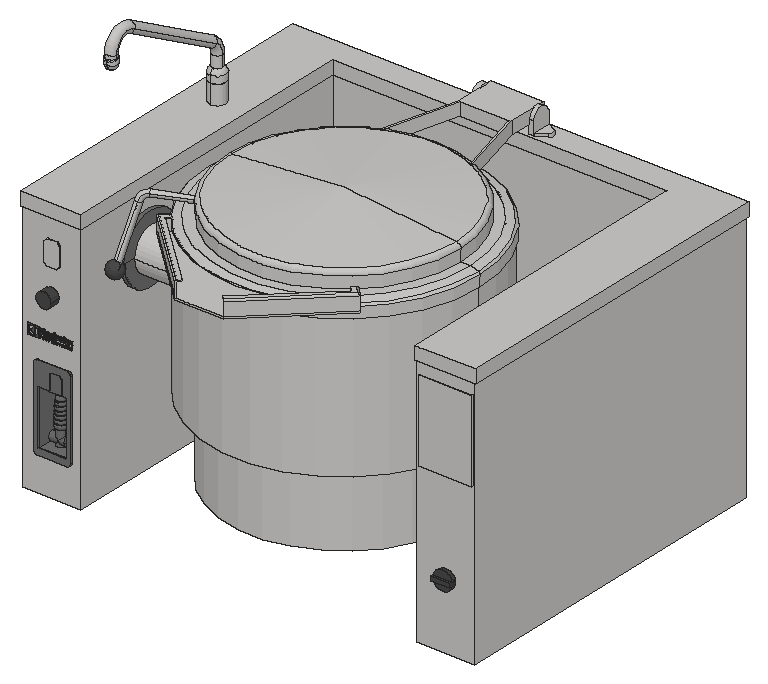
Revit family "QF_ELECTROLUXPROFESSIONAL_586915_PBOT10ERES", category Specialty Equipment, Revit 2018
Family settings
  Round Connector Dimension = Use Radius
  Part Type = Normal
  Work Plane-Based = No
  Always vertical = Yes
  Cut with Voids When Loaded = No
  Shared = Yes
  Room Calculation Point = No
Parameters (values of type "Standard")
  Weight = 180.00 kg
  Watts = 0 W
  Volts = 400 V
  URL Manufacturer = "http://professional.electrolux.com"
  URL = "http://professional.electrolux.com"
  Tilt Clearance [instance] = 1124 mm
  Steam Supply Size = 0"
  Steam Supply Minimum Pressure = 0.00 psi
  Steam Supply Maximum Pressure = 0.00 psi
  Steam Pounds per Hour = 0
  Show Logo [instance] = yes
  Refrigeration Suction Line Size = 0"
  Refrigeration Liquid Line Size = 0"
  Refrigerant Compressor Remote = yes
  Plinth Base Finish [instance] = QF_Finishes_Concrete
  Plinth Base [instance] = not(Base Height = 500 mm)  # yes
  Phase = 3
  Length Actual = 1200 mm  # constant formula
  Item Number = "586915"
  Hot Water Size = 1/2"
  Height Actual = 700 mm  # constant formula
  HP = "24.4 HP"
  Gas Size = 0"
  Gas KW = 0
  Gas Input Pressure = 0.0 Btu/h
  Direct Waste Size = 0"
  Depth Actual = 900 mm  # constant formula
  Cycle = 50 Hz
  Condensate Return Size = 0"
  Compressed Air Volume = 0 GPM
  Compressed Air Size = 0"
  Compressed Air Pressure = 0.00 psi
  Cold Water Size = 1/2"
  Assembly Code = ""
  Open Clearance [instance] = 856 mm
  Model = "PBOT10ERES"
  Manufacturer = "Electrolux Professional"
  Description = "EL. BOILING PAN,TILTING,AUTO H/C WATER FILL INLET,SPRAY GUN, 100L,H700,FS,D900,REAR CLS KIT,GUID.COOK.S"
  Bracket [instance] = Base Height = 500 mm  # no
  Body Finish [instance] = QF_Finishes_Stainless Steel
  Base Height = 200 mm
  Show Clearance [instance] = yes
  Accessory = yes
Reference planes
  plane 1 "BACK": y = 100
  plane 2: z = 0
  plane 3 "LEFT": x = 0
  plane 4 "RIGHT": x = 1200
  plane 5 "FRONT": y = -800
  plane 6 "TOP": z = 900
  plane 7: z = 200
  plane 8 "Center": x = 600
  plane 9: z = 1756
  plane 10: y = -960
  plane 11 "Vessel X axis": y = -483
  plane 12: x = 280
  plane 13: y = -580
  plane 14: x = 280
  plane 15: through (0, 114.006, 947.95) normal (0, 0.281, -0.9597)
  plane 16: z = 505
  plane 17 "Top Level": z = 981
  plane 18: y = -1024
Forms (mm)
  Extrusion 1, solid, material "QF_Finishes_Stainless Steel" <- "Body Finish"
    sketch origin (0, 0, 900) x (-1, 0, 0) y (0, -1, 0)
      loop
        line (0, -100) -> (0, 800) -> (-160, 800) -> (-160, -31.55) -> (-1040, -31.55) -> (-1040, 800) -> (-1200, 800) -> (-1200, -100) -> (0, -100)
    from -35 to 0
  Extrusion 2, solid, material "QF_Finishes_Stainless Steel" <- "Body Finish"
    sketch origin (0, 0, 900) x (-1, 0, 0) y (0, -1, 0)
      loop
        line (-535, 960) -> (-665, 960) -> (-868.236, 765.434) -> (-847.007, 744.205)
        arc (-847.007, 744.205) -> (-600, 842.5) -> (-352.993, 744.205) r 359.5
        line (-352.993, 744.205) -> (-331.764, 765.434) -> (-535, 960)
    from 1.223 to 5.898
  Revolve 3, solid, material "QF_Finishes_Stainless Steel" <- "Body Finish"
    sketch origin (0, 50.89, 727.5) x (-1, 0, 0) y (0, -1, 0)
      loop
        line (-170, 573.89) -> (-170, 540.89) -> (-157, 540.89) -> (-157, 630.89) -> (-1043, 630.89) -> (-1043, 540.89) -> (-1030, 540.89) -> (-1030, 573.89) -> (-170, 573.89)
      axis (-1043, 630.89) -> (-157, 630.89)
    angle from 0 to 360
  Extrusion 4, solid, material "QF_Finishes_Stainless Steel" <- "Body Finish"
    sketch origin (0, 100, 0) x (1, 0, 0) y (0, 0, 1)
      loop
        circle (1120, 450) r 10
    from 3 to 0
  Extrusion 5, solid, material "QF_Finishes_Stainless Steel" <- "Body Finish"
    sketch origin (600, 0, 0) x (0, 1, 0) y (0, 0, 1)
      loop
        line (89, 900) -> (89, 935.1)
        arc (89, 935.1) -> (65, 959.1) -> (41, 935.1) r 24
        line (41, 935.1) -> (41, 900) -> (89, 900)
    from 69.2 to 82.1
  Revolve 6, solid, material "QF_Finishes_Stainless Steel" <- "Body Finish"
    sketch origin (0, -483, 0) x (-1, 0, 0) y (0, 0, 1)
      loop
        line (-600, 981) -> (-600, 912.336) -> (-291.999, 912.336) -> (-291.999, 943.013)
        arc (-291.999, 943.013) -> (-295.325, 951.663) -> (-303.589, 955.857) r 12.912
        arc (-303.589, 955.857) -> (-451.457, 972.404) -> (-600, 981) r 2774.321
      axis (-600, 981) -> (-600, 912.336)
    angle from 0 to 360
  Sweep 7, solid, material "QF_Finishes_Stainless Steel" <- "Body Finish"
    path in 3D
      loop
        line (665, -960, 905.898) -> (868.236, -765.434, 905.898) -> (847.007, -744.205, 905.898)
    profile origin (766.618, -862.717, 905.898) x (-0.691532, 0.722346, 0) y (0, 0, 1)
      loop
        line (0, 0) -> (2.5, 0) -> (2.5, 35.781)
        arc (2.5, 35.781) -> (3.003, 36.997) -> (4.219, 37.5) r 1.719
        line (4.219, 37.5) -> (15.312, 37.5) -> (15.312, 40) -> (4.052, 40)
        arc (4.052, 40) -> (1.187, 38.813) -> (0, 35.948) r 4.052
        line (0, 35.948) -> (0, 0)
  Extrusion 8, solid, material "QF_Finishes_Stainless Steel" <- "Body Finish"
    sketch origin (0, 100, 0) x (1, 0, 0) y (0, 0, 1)
      loop
        line (157, 865) -> (157, 500) -> (1043, 500) -> (1043, 865) -> (157, 865)
    from 3 to 65.418
  Extrusion 9, solid, material "QF_Finishes_Stainless Steel" <- "Body Finish"
    sketch origin (600, 0, 0) x (0, 1, 0) y (0, 0, 1)
      loop
        line (89, 900) -> (89, 935.1)
        arc (89, 935.1) -> (65, 959.1) -> (41, 935.1) r 24
        line (41, 935.1) -> (41, 900) -> (89, 900)
    from -82.1 to -69.2
  Extrusion 10, solid, material "QF_Finishes_Stainless Steel" <- "Body Finish"
    sketch origin (600, -4572, 981) x (0, -1, 0) y (-1, 0, 0)
      loop
        line (-4551, 64.871) -> (-4315.558, 127.227) -> (-4309.255, 132.754) -> (-4555.565, 69.2) -> (-4661, 69.2) -> (-4661, -69.2) -> (-4555.565, -69.2) -> (-4309.255, -132.754) -> (-4315.558, -127.227) -> (-4551, -64.871) -> (-4551, 64.871)
    from 25.143 to 59.002
  Sweep 11, solid, material "QF_Finishes_Stainless Steel" <- "Body Finish"
    path in 3D
      loop
        line (352.993, -744.205, 905.898) -> (331.764, -765.434, 905.898) -> (535, -960, 905.898)
    profile origin (433.382, -862.717, 905.898) x (0.691532, 0.722346, 0) y (0, 0, 1)
      loop
        line (0, 0) -> (2.5, 0) -> (2.5, 35.781)
        arc (2.5, 35.781) -> (3.003, 36.997) -> (4.219, 37.5) r 1.719
        line (4.219, 37.5) -> (15.313, 37.5) -> (15.313, 40) -> (4.052, 40)
        arc (4.052, 40) -> (1.187, 38.813) -> (0, 35.948) r 4.052
        line (0, 35.948) -> (0, 0)
  Extrusion 12, solid, material "QF_Finishes_Stainless Steel" <- "Body Finish"
    sketch origin (0, 0, 900) x (-1, 0, 0) y (0, -1, 0)
      loop
        arc (-708.472, -55.346) -> (-714.2, -65) -> (-708.472, -74.654) r 11
        line (-708.472, -74.654) -> (-682.1, -89.055) -> (-682.1, -40.945) -> (-708.472, -55.346)
      loop
        line (-491.528, -55.346) -> (-517.9, -40.945) -> (-517.9, -89.055) -> (-491.528, -74.654)
        arc (-491.528, -74.654) -> (-485.8, -65) -> (-491.528, -55.346) r 11
    from 0 to 8
  Revolve 13, solid, material "QF_Finishes_Stainless Steel" <- "Body Finish"
    sketch origin (0, -483, 0) x (-1, 0, 0) y (0, 0, 1)
      loop
        line (-600, 910.898) -> (-600, 280.154)
        arc (-600, 280.154) -> (-445.668, 285.184) -> (-291.5, 293.903) r 6458.267
        line (-291.5, 293.903) -> (-291.5, 495) -> (-245.5, 495) -> (-245.5, 870.866) -> (-240.5, 870.866) -> (-240.5, 899.23) -> (-244.882, 905.093) -> (-265.728, 910.898) -> (-600, 910.898)
      axis (-600, 910.898) -> (-600, 280.154)
    angle from 0 to 360
  Extrusion 14, solid, material "QF_Finishes_Stainless Steel" <- "Body Finish"
    sketch origin (1100, -797, 0) x (-1, 0, 0) y (0, 0, -1)
      loop
        line (50, -833.989) -> (50, -618.989) -> (-91.535, -618.989) -> (-91.535, -833.989) -> (50, -833.989)
      loop
        line (1029.661, -812.084) -> (1036.975, -804.77) -> (1036.975, -754.399) -> (1029.661, -747.084) -> (1004.29, -747.084) -> (996.975, -754.399) -> (996.975, -804.77) -> (1004.29, -812.084) -> (1029.661, -812.084)
    from 0 to 3
  Extrusion 15, solid, material "QF_Finishes_Black"
    sketch origin (1200, -797, -30) x (-1, 0, 0) y (0, 0, -1)
      loop
        circle (80.286, -405.28) r 25
    from 0 to 10.306
  Extrusion 16, solid, material "QF_Finishes_Black"
    sketch origin (1200, -797, -30) x (-1, 0, 0) y (0, 0, -1)
      loop
        arc (104.667, -410.806) -> (105.286, -405.28) -> (104.667, -399.753) r 25
        line (104.667, -399.753) -> (55.904, -399.753)
        arc (55.904, -399.753) -> (55.286, -405.28) -> (55.904, -410.806) r 25
        line (55.904, -410.806) -> (104.667, -410.806)
    from 0 to 18.276
  Extrusion 17, solid, material "QF_Finishes_Black"
    sketch origin (160, -797, 0) x (-1, 0, 0) y (0, 0, -1)
      loop
        circle (80.781, -678.5) r 20
    from 0 to 25
  Extrusion 18, solid, material "QF_Finishes_Stainless Steel" <- "Body Finish", visible <- "Bracket"
    sketch origin (0, 37, -14) x (0, 1, 0) y (0, 0, 1)
      loop
        line (60, 514) -> (-140, 514) -> (-140, 450) -> (-76.36, 386.36) -> (60, 386.36) -> (60, 514)
    from 25.741 to 134.773
  Extrusion 19, solid, material "QF_Finishes_Stainless Steel" <- "Body Finish", visible <- "Bracket"
    sketch origin (1200, 0, 0) x (0, 1, 0) y (0, 0, 1)
      loop
        line (97, 372.36) -> (97, 500) -> (-103, 500) -> (-103, 436) -> (-39.36, 372.36) -> (97, 372.36)
    from -133.886 to -23.363
  Extrusion 20, solid, material "QF_Finishes_Stainless Steel" <- "Body Finish"
    sketch origin (0, 100, 0) x (1, 0, 0) y (0, 0, 1)
      loop
        circle (50, 395) r 10
      loop
        circle (110.571, 395) r 10
    from 3 to 0
  Revolve 21, solid, material "QF_Finishes_Clearance", visible <- "Show Clearance", detail levels coarse
    sketch origin (600, 10.879, 0.726) x (0, 0.999996, 0.002845) y (0, -0.002845, 0.999996)
      loop
        line (-92.205, 1448.437) -> (-181.256, 1755.797) -> (-205.268, 1748.84) -> (-116.218, 1441.48) -> (-92.205, 1448.437)
      axis (-92.205, 1448.437) -> (-116.218, 1441.48)
    angle from 0 to 360
  Extrusion 22, solid, material "QF_Finishes_Stainless Steel" <- "Body Finish"
    sketch origin (0, 0, 0) x (1, 0, 0) y (0, 1, 0)
      loop
        line (157, 97) -> (3, 97) -> (3, -797) -> (157, -797) -> (157, 97)
      loop
        line (1197, 97) -> (1043, 97) -> (1043, -797) -> (1197, -797) -> (1197, 97)
    from 200 to 865
  Extrusion 23, solid, material "Navy Blue", visible <- "Show Logo"
    sketch origin (160, -797, 0) x (-1, 0, 0) y (0, 0, -1)
      loop
        line (101.332, -593.18) -> (109.793, -593.18) -> (109.793, -583.327)
        arc (109.793, -583.327) -> (108.679, -580.639) -> (105.991, -579.525) r 3.802
        line (105.991, -579.525) -> (101.168, -579.525) -> (101.168, -581.736) -> (105.441, -581.736)
        arc (105.441, -581.736) -> (106.845, -582.21) -> (107.442, -583.566) r 1.838
        line (107.442, -583.566) -> (107.442, -585.52) -> (101.698, -585.52) -> (101.698, -587.738) -> (107.442, -587.738) -> (107.442, -590.968) -> (101.332, -590.968) -> (101.332, -593.18)
      loop
        line (99.498, -593.18) -> (99.498, -579.525) -> (97.146, -579.525) -> (97.146, -593.18) -> (99.498, -593.18)
      loop
        line (48.417, -593.18) -> (48.417, -579.525) -> (46.064, -579.525) -> (46.064, -593.18) -> (48.417, -593.18)
      loop
        line (93.257, -583.886) -> (85.539, -583.886)
        arc (85.539, -583.886) -> (86.746, -588.126) -> (90.874, -589.672) r 4.89
        arc (90.874, -589.672) -> (94.51, -587.828) -> (95.548, -583.886) r 4.976
        arc (95.548, -583.886) -> (94.182, -580.589) -> (90.886, -579.224) r 4.662
        arc (90.886, -579.224) -> (88.32, -579.602) -> (86.169, -581.05) r 5.86
        line (86.169, -581.05) -> (87.562, -582.444)
        arc (87.562, -582.444) -> (89.391, -581.347) -> (91.516, -581.531) r 3.458
        arc (91.516, -581.531) -> (92.812, -582.394) -> (93.257, -583.886) r 2.29
      loop
        line (93.198, -585.539) -> (87.902, -585.539)
        arc (87.902, -585.539) -> (88.645, -587.103) -> (90.278, -587.679) r 2.256
        arc (90.278, -587.679) -> (92.162, -587.188) -> (93.198, -585.539) r 2.64
      loop
        line (76.371, -586.524) -> (74.894, -588)
        arc (74.894, -588) -> (76.746, -589.341) -> (78.997, -589.742) r 5.117
        arc (78.997, -589.742) -> (82.429, -588.487) -> (84.231, -585.308) r 5.293
        arc (84.231, -585.308) -> (81.194, -579.733) -> (74.977, -581.018) r 5.33
        line (74.977, -581.018) -> (76.446, -582.487)
        arc (76.446, -582.487) -> (79.616, -581.438) -> (81.887, -583.886) r 3.088
        arc (81.887, -583.886) -> (81.729, -585.821) -> (80.396, -587.234) r 2.933
        arc (80.396, -587.234) -> (78.264, -587.559) -> (76.371, -586.524) r 3.369
      loop
        line (73.45, -593.18) -> (73.45, -583.849)
        arc (73.45, -583.849) -> (73.246, -582.449) -> (72.722, -581.135) r 6.031
        arc (72.722, -581.135) -> (71.044, -579.8) -> (68.918, -579.519) r 4.018
        line (68.918, -579.519) -> (68.918, -581.723)
        arc (68.918, -581.723) -> (69.55, -581.771) -> (70.139, -582.005) r 2.118
        arc (70.139, -582.005) -> (70.895, -582.804) -> (71.098, -583.886) r 1.949
        line (71.098, -583.886) -> (71.098, -587.265) -> (68.962, -587.265) -> (68.962, -589.401) -> (71.098, -589.401) -> (71.098, -593.18) -> (73.45, -593.18)
      loop
        arc (64.65, -584.717) -> (64.482, -585.701) -> (63.997, -586.574) r 2.967
        arc (63.997, -586.574) -> (62.588, -587.297) -> (61.004, -587.265) r 3.231
        line (61.004, -587.265) -> (61.004, -589.525)
        arc (61.004, -589.525) -> (63.073, -589.33) -> (64.65, -587.977) r 3.432
        line (64.65, -587.977) -> (64.65, -589.401) -> (66.983, -589.401) -> (66.983, -579.525) -> (64.65, -579.525) -> (64.65, -584.717)
      loop
        circle (55.254, -584.461) r 5.233
      loop
        circle (55.254, -584.461) r 3.172
      loop
        arc (37.582, -583.638) -> (38.162, -582.041) -> (39.738, -581.405) r 2.088
        arc (39.738, -581.405) -> (41.313, -582.041) -> (41.894, -583.638) r 2.088
        line (41.894, -583.638) -> (41.894, -589.401) -> (44.266, -589.401) -> (44.266, -583.442)
        arc (44.266, -583.442) -> (42.916, -580.365) -> (39.738, -579.275) r 4.181
        arc (39.738, -579.275) -> (36.524, -580.398) -> (35.211, -583.539) r 4.181
        line (35.211, -583.539) -> (35.211, -589.401) -> (37.582, -589.401) -> (37.582, -583.638)
      loop
        line (33.789, -589.401) -> (30.374, -584.764) -> (34.126, -579.522) -> (31.598, -579.522) -> (29.107, -583.001) -> (26.58, -579.522) -> (24.068, -579.522) -> (27.767, -584.817) -> (24.385, -589.401) -> (26.952, -589.401) -> (29.115, -586.469) -> (31.245, -589.401) -> (33.789, -589.401)
      loop
        line (108.47, -573.865) -> (110.346, -573.865) -> (110.346, -569.143) -> (109.319, -569.143) -> (109.319, -570.769) -> (108.185, -570.769)
        arc (108.185, -570.769) -> (106.916, -572.447) -> (108.47, -573.865) r 1.561
      loop
        arc (108.23, -571.697) -> (107.841, -572.304) -> (108.23, -572.911) r 0.668
        line (108.23, -572.911) -> (109.319, -572.911) -> (109.319, -571.697) -> (108.23, -571.697)
      loop
        line (101.061, -573.865) -> (102.968, -573.865) -> (102.968, -569.143) -> (101.942, -569.143) -> (101.942, -570.769) -> (100.949, -570.769) -> (100.27, -569.143) -> (99.168, -569.143) -> (100.097, -571.134)
        arc (100.097, -571.134) -> (99.652, -571.665) -> (99.502, -572.343) r 1.458
        arc (99.502, -572.343) -> (99.971, -573.421) -> (101.061, -573.865) r 1.559
      loop
        line (101.942, -572.911) -> (101.942, -571.697) -> (100.852, -571.697)
        arc (100.852, -571.697) -> (100.464, -572.304) -> (100.852, -572.911) r 0.668
        line (100.852, -572.911) -> (101.942, -572.911)
      loop
        circle (93.139, -571.504) r 2.453
      loop
        circle (93.139, -571.504) r 1.557
      loop
        line (86.655, -573.865) -> (86.655, -569.143) -> (85.654, -569.143) -> (85.654, -570.793) -> (83.876, -570.793) -> (83.876, -571.851) -> (85.654, -571.851) -> (85.654, -572.847) -> (83.706, -572.847) -> (83.706, -573.865) -> (86.655, -573.865)
      loop
        line (79.724, -573.865) -> (79.724, -570.677)
        arc (79.724, -570.677) -> (79.288, -569.596) -> (78.213, -569.146) r 1.51
        line (78.213, -569.146) -> (76.689, -569.146) -> (76.689, -570.038) -> (78.122, -570.038)
        arc (78.122, -570.038) -> (78.65, -570.475) -> (78.753, -571.151) r 0.961
        line (78.753, -571.151) -> (76.866, -571.151) -> (76.866, -572.043) -> (78.753, -572.043) -> (78.753, -572.973) -> (76.735, -572.973) -> (76.735, -573.865) -> (79.724, -573.865)
      loop
        arc (62.624, -573.267) -> (63.249, -573.78) -> (64.041, -573.943) r 1.69
        arc (64.041, -573.943) -> (64.773, -573.764) -> (65.374, -573.31) r 1.872
        arc (65.374, -573.31) -> (65.486, -572.238) -> (64.794, -571.411) r 1.385
        arc (64.794, -571.411) -> (64.212, -571.217) -> (63.66, -570.95) r 4.78
        arc (63.66, -570.95) -> (63.312, -570.539) -> (63.552, -570.057) r 0.489
        arc (63.552, -570.057) -> (63.998, -569.952) -> (64.442, -570.065) r 0.963
        arc (64.442, -570.065) -> (64.826, -570.341) -> (65.061, -570.752) r 1.118
        line (65.061, -570.752) -> (65.887, -570.367)
        arc (65.887, -570.367) -> (65.589, -569.793) -> (65.11, -569.36) r 1.815
        arc (65.11, -569.36) -> (64.566, -569.127) -> (63.978, -569.068) r 1.957
        arc (63.978, -569.068) -> (63.25, -569.213) -> (62.595, -569.561) r 2.556
        arc (62.595, -569.561) -> (62.305, -570.331) -> (62.455, -571.139) r 1.535
        arc (62.455, -571.139) -> (62.778, -571.512) -> (63.19, -571.781) r 1.779
        arc (63.19, -571.781) -> (63.712, -572.014) -> (64.248, -572.215) r 9.371
        arc (64.248, -572.215) -> (64.557, -572.696) -> (64.11, -573.053) r 0.427
        arc (64.11, -573.053) -> (63.575, -572.924) -> (63.163, -572.558) r 1.135
        line (63.163, -572.558) -> (62.624, -573.267)
      loop
        line (58.291, -573.865) -> (58.291, -569.146) -> (57.321, -569.146) -> (57.321, -573.865) -> (58.291, -573.865)
      loop
        circle (50.779, -571.506) r 1.468
      loop
        circle (50.779, -571.506) r 2.451
      loop
        line (44.27, -569.146) -> (43.289, -569.146) -> (43.289, -572.113) -> (41.131, -569.146) -> (40.187, -569.146) -> (40.187, -573.865) -> (41.168, -573.865) -> (41.168, -570.808) -> (43.326, -573.865) -> (44.27, -573.865) -> (44.27, -569.146)
      loop
        line (35.295, -569.146) -> (34.836, -570.164) -> (33.09, -570.164) -> (32.631, -569.146) -> (31.588, -569.146) -> (33.581, -573.865) -> (34.491, -573.865) -> (36.337, -569.146) -> (35.295, -569.146)
      loop
        line (33.526, -571.132) -> (33.993, -572.169) -> (34.447, -571.132) -> (33.526, -571.132)
      loop
        line (26.769, -570.038) -> (26.769, -573.865) -> (27.739, -573.865) -> (27.739, -569.146) -> (24.954, -569.146) -> (24.954, -570.038) -> (26.769, -570.038)
      loop
        arc (69.698, -573.267) -> (70.324, -573.78) -> (71.116, -573.943) r 1.69
        arc (71.116, -573.943) -> (71.847, -573.764) -> (72.449, -573.31) r 1.872
        arc (72.449, -573.31) -> (72.56, -572.238) -> (71.868, -571.411) r 1.385
        arc (71.868, -571.411) -> (71.287, -571.217) -> (70.735, -570.95) r 4.78
        arc (70.735, -570.95) -> (70.386, -570.539) -> (70.627, -570.057) r 0.489
        arc (70.627, -570.057) -> (71.073, -569.952) -> (71.517, -570.065) r 0.963
        arc (71.517, -570.065) -> (71.901, -570.341) -> (72.136, -570.752) r 1.118
        line (72.136, -570.752) -> (72.961, -570.367)
        arc (72.961, -570.367) -> (72.664, -569.793) -> (72.184, -569.36) r 1.815
        arc (72.184, -569.36) -> (71.64, -569.127) -> (71.052, -569.068) r 1.957
        arc (71.052, -569.068) -> (70.325, -569.213) -> (69.669, -569.561) r 2.556
        arc (69.669, -569.561) -> (69.38, -570.331) -> (69.529, -571.139) r 1.535
        arc (69.529, -571.139) -> (69.852, -571.512) -> (70.265, -571.781) r 1.779
        arc (70.265, -571.781) -> (70.787, -572.014) -> (71.322, -572.215) r 9.371
        arc (71.322, -572.215) -> (71.632, -572.696) -> (71.185, -573.053) r 0.427
        arc (71.185, -573.053) -> (70.649, -572.924) -> (70.238, -572.558) r 1.135
        line (70.238, -572.558) -> (69.698, -573.267)
      loop
        line (124.467, -593.367) -> (124.467, -568.534)
        arc (124.467, -568.534) -> (115.287, -580.95) -> (124.467, -593.367) r 12.987
      loop
        arc (125.423, -593.446) -> (135.891, -591.227) -> (141.022, -581.837) r 12.809
        line (141.022, -581.837) -> (135.422, -581.837)
        arc (135.422, -581.837) -> (128.84, -585.012) -> (125.423, -591.472) r 11.707
        line (125.423, -591.472) -> (125.423, -593.446)
      loop
        arc (125.73, -570.332) -> (129.585, -577.251) -> (136.925, -580.23) r 11.93
        line (136.925, -580.23) -> (141.033, -580.23)
        arc (141.033, -580.23) -> (136.066, -570.804) -> (125.73, -568.215) r 13.06
        line (125.73, -568.215) -> (125.73, -570.332)
      loop
        line (141.976, -594.722) -> (141.976, -567.122) -> (114.339, -567.122) -> (114.339, -594.722) -> (141.976, -594.722)
    from 0 to 0.697
  Extrusion 24, void
    sketch origin (0, -800, 0) x (1, 0, 0) y (0, 0, 1)
      loop
        line (125.4, 500.944) -> (43.4, 500.944) -> (43.4, 305.944) -> (125.4, 305.944) -> (125.4, 500.944)
    from 0 to -63
Cuts and joins
  joined: Revolve 6, Extrusion 10
  Extrusion 24 cuts Extrusion 22
Lines and regions (mm)
  Split face 1
    outline origin (1100, -800, 0) x (-1, 0, 0) y (0, 0, -1)
      loop
        line (44.321, -826.533) -> (44.321, -691.533) -> (-84.715, -691.533) -> (-84.715, -826.533) -> (44.321, -826.533)
  Split face 2
    outline origin (1100, -800, 0) x (-1, 0, 0) y (0, 0, -1)
      loop
        line (44.321, -691.533) -> (44.321, -625.535) -> (-84.715, -625.535) -> (-84.715, -691.533) -> (44.321, -691.533)
  Split face 3
    outline origin (1100, -800, 0) x (-1, 0, 0) y (0, 0, -1)
      loop
        line (35.153, -818.972) -> (35.153, -698.972) -> (-73.882, -698.972) -> (-73.882, -818.972) -> (35.153, -818.972)
  Split face 4
    outline origin (1100, -800, 0) x (-1, 0, 0) y (0, 0, -1)
      loop
        line (1029.036, -812.084) -> (1036.35, -804.77) -> (1036.35, -754.399) -> (1029.036, -747.084) -> (1029.036, -812.084)
  Split face 5
    outline origin (-933.951, -800, 0) x (1, 0, 0) y (0, 0, 1)
      loop
        line (1029.036, 812.084) -> (1029.036, 747.084) -> (1036.35, 754.399) -> (1036.35, 804.77) -> (1029.036, 812.084)
  sketch lines
    curve 1: line (665, -960, 905.898) -> (868.236, -765.434, 905.898)
    curve 2: line (868.236, -765.434, 905.898) -> (847.007, -744.205, 905.898)
    curve 3: line (331.764, -765.434, 905.898) -> (535, -960, 905.898)
    curve 4: line (352.993, -744.205, 905.898) -> (331.764, -765.434, 905.898)
  symbolic lines
    curve 5: line (170, -490, 0) -> (160, -490, 0)
    curve 6: line (170, -490, 0) -> (170, -670, 0)
    curve 7: line (170, -670, 0) -> (160, -670, 0)
    curve 8: line (1030, -490, 0) -> (1040, -490, 0)
    curve 9: line (1030, -490, 0) -> (1030, -670, 0)
    curve 10: line (1030, -670, 0) -> (1040, -670, 0)
    curve 11: line (1030, -523.539, 0) -> (957.207, -523.539, 0)
    curve 12: line (1030, -636.461, 0) -> (925.1, -636.461, 0)
    curve 13: line (170, -523.539, 0) -> (242.793, -523.539, 0)
    curve 14: line (170, -636.461, 0) -> (274.9, -636.461, 0)
    curve 15: line (160, -800, 0) -> (160, 31.55, 0)
    curve 16: line (0, -800, 0) -> (160, -800, 0)
    curve 17: line (0, 100, 0) -> (0, -800, 0)
    curve 18: line (160, 31.55, 0) -> (530.8, 31.55, 0)
    curve 19: line (1200, 100, 0) -> (0, 100, 0)
    curve 20: line (1040, 31.55, 0) -> (1040, -800, 0)
    curve 21: line (1200, -800, 0) -> (1200, 100, 0)
    curve 22: line (1040, -800, 0) -> (1200, -800, 0)
    curve 23: circle (600, -483, 0) r 359.5 normal (0, 0, 1)
    curve 24: line (669.2, 31.55, 0) -> (1040, 31.55, 0)
    curve 25: line (545.589, -948.939, 0) -> (353.658, -765.195, 0)
    curve 26: line (353.658, -765.195, 0) -> (364.355, -754.499, 0)
    curve 27: line (535, -960, 0) -> (545.589, -948.939, 0)
    curve 28: line (665, -960, 0) -> (654.411, -948.939, 0)
    curve 29: line (846.342, -765.195, 0) -> (654.411, -948.939, 0)
    curve 30: line (835.645, -754.499, 0) -> (846.342, -765.195, 0)
  model lines, style "QF-Clearances", visible <- "Show Clearance", detail levels coarse
    curve 31: arc (600, -960, 954.089) -> (600, -1008.605, 614.371) -> (600, -800, 341.874) r 443
  symbolic lines, style "QF-Clearances", visible <- "Show Clearance", detail levels coarse
    curve 32: line (350, -450, 0) -> (850, -450, 0)
    curve 33: line (350, -1650, 0) -> (350, -450, 0)
    curve 34: line (850, -1650, 0) -> (350, -1650, 0)
    curve 35: line (850, -450, 0) -> (850, -1650, 0)
    curve 36: line (650, -1650, 0) -> (850, -1050, 0)
    curve 37: line (550, -1650, 0) -> (350, -1050, 0)
    curve 38: circle (600, -1600, 0) r 25 normal (0, 0, 1)
Dimensions and locks
  plane 3 "LEFT" to plane 4 "RIGHT" = 1200 mm
  plane 4 "RIGHT" to plane 3 "LEFT" = 1200 mm
  plane 1 "BACK" to plane 5 "FRONT" = 900 mm
  plane 5 "FRONT" to plane 1 "BACK" = 900 mm
  "Base Height": plane 7 to level
  equal spacing: plane 3 "LEFT", plane 8 "Center", plane 4 "RIGHT"
  "Open Clearance": plane 9 to plane 6 "TOP"
  locked: Extrusion 8 sketch curve to Extrusion 8 sketch curve at 365
  plane 4 "RIGHT" to Extrusion 4 sketch curve = 80 mm
  plane 6 "TOP" to Extrusion 4 sketch curve = 450 mm
  locked: Extrusion 2 sketch curve to Extrusion 2 sketch curve at 30.022  (x2)
  equal spacing: Extrusion 10 sketch curve, plane 8 "Center", Extrusion 10 sketch curve
  locked: Extrusion 10 sketch curve to Extrusion 10 sketch curve at 138.4
  Extrusion 10 sketch curve to Extrusion 10 sketch curve to plane 1 "BACK" = 110 mm locked, 11 mm locked
  plane 11 "Vessel X axis" to Revolve 3 sketch curve = 97 mm
  Revolve 3 sketch curve to Revolve 3 sketch curve to Revolve 3 sketch curve to Revolve 3 sketch curve = 33 mm locked, 57 mm locked, 0 mm locked
  plane 11 "Vessel X axis" to plane 13 = 97 mm
  equal spacing: curve 5, plane 13, curve 7
  locked: curve 5 to curve 7 at 180
  equal spacing: curve 11, plane 13, curve 12
  locked: curve 11 to curve 12 at 112.922
  plane 14 to plane 8 "Center" = 320 mm
  Revolve 13 sketch curve to Revolve 13 sketch curve to Revolve 13 sketch curve to Revolve 13 sketch curve to plane 14 = 4.382 mm locked, 0.618 mm locked, 20.228 mm locked, 14.272 mm locked
  plane 12 to plane 8 "Center" = 320 mm
  Revolve 6 sketch curve to Revolve 6 sketch curve to plane 12 = 11.59 mm locked, 11.999 mm locked
  Extrusion 16 sketch curve to Extrusion 16 sketch curve = 11.053 mm
  Extrusion 18 sketch curve to Extrusion 18 sketch curve to Extrusion 18 sketch curve = 64 mm locked, 63.64 mm locked
  Extrusion 19 sketch curve to Extrusion 19 sketch curve to Extrusion 19 sketch curve = 64 mm locked, 63.64 mm locked
  plane 6 "TOP" to Extrusion 14 sketch curve to Extrusion 14 sketch curve = 66.011 mm locked, 215 mm locked
  plane 6 "TOP" to Extrusion 14 sketch curve to Extrusion 14 sketch curve to Extrusion 14 sketch curve to Extrusion 14 sketch curve = 87.916 mm locked, 7.315 mm locked, 50.371 mm, 7.315 mm locked
  plane 6 "TOP" to level = 900 mm
  locked: level to Extrusion 18 sketch curve at 372.36
  locked: Extrusion 19 sketch curve to level at 372.36
  locked: Extrusion 15 sketch curve to level at 375.28
  locked: Extrusion 16 sketch curve to level at 369.753
  locked: Extrusion 20 sketch curve to level at 395
  Extrusion 10 sketch curve to Extrusion 10 sketch curve to plane 11 "Vessel X axis" = 6.303 mm, 220.255 mm
  Extrusion 10 sketch curve to Extrusion 10 sketch curve to plane 11 "Vessel X axis" = 6.303 mm locked, 220.255 mm locked
  Revolve 21 sketch curve to Revolve 21 sketch curve = 320 mm
  locked: Extrusion 1 to Revolve 21 sketch curve at 23.726
  plane 11 "Vessel X axis" to plane 1 "BACK" = 583 mm
  plane 10 to plane 1 "BACK" = 1060 mm
  plane 16 to Revolve 13 sketch curve to Revolve 13 sketch curve to Revolve 13 sketch curve = 10 mm locked, 201.097 mm locked, 13.748 mm locked
  plane 17 "Top Level" to Revolve 6 sketch curve to Revolve 6 sketch curve to Revolve 6 sketch curve = 25.143 mm locked, 12.844 mm locked, 30.677 mm locked
  plane 17 "Top Level" to Revolve 13 sketch curve to Revolve 13 sketch curve to Revolve 13 sketch curve to Revolve 13 sketch curve = 70.102 mm locked, 5.805 mm locked, 5.863 mm locked, 28.364 mm locked
  plane 6 "TOP" to plane 16 = 395 mm
  plane 17 "Top Level" to nested 1 = 45.299 mm
  plane 17 "Top Level" to Extrusion 2 to Extrusion 2 = 75.102 mm locked, 4.675 mm locked
  plane 17 "Top Level" to plane 6 "TOP" = 81 mm
  locked: Extrusion 5 sketch curve to plane 17 "Top Level" at 45.9
  locked: Extrusion 9 sketch curve to plane 17 "Top Level" at 45.9
  plane 11 "Vessel X axis" to nested 1 = 320 mm
  "Tilt Clearance": plane 18 to plane 1 "BACK"
  locked: curve 31 to plane 17 "Top Level" at 26.911
  locked: curve 32 to plane 1 "BACK" at 550
  locked: curve 34 to plane 1 "BACK" at 1750
  locked: curve 33 to curve 35 at 500
  equal spacing: curve 33, plane 8 "Center", curve 35
  angle plane 9 to Revolve 21 sketch curve = 16.3208°
  aligned and locked: level to plane 2
  aligned and locked: Extrusion 8 to Extrusion 1
  aligned and locked: plane 10 to Extrusion 2 sketch curve
  aligned and locked: plane 8 "Center" to Revolve 6 sketch curve  (x2)
  aligned and locked: Revolve 3 sketch curve to Revolve 3 sketch curve
  aligned and locked: Revolve 3 to Revolve 3  (x2)
  aligned and locked: curve 15 to Extrusion 1
  aligned and locked: curve 6 to Revolve 3
  aligned and locked: curve 20 to Extrusion 1
  aligned and locked: curve 9 to Revolve 3
  aligned and locked: curve 12 to curve 14
  aligned and locked: curve 11 to curve 13
  aligned and locked: curve 5 to curve 8
  aligned and locked: curve 7 to curve 10
  aligned and locked: curve 23 to Revolve 13
  aligned and locked: Extrusion 2 sketch curve to Revolve 13
  aligned and locked: curve 25 to Sweep 11
  aligned and locked: curve 26 to Sweep 11
  aligned and locked: curve 27 to Sweep 11
  aligned and locked: curve 28 to Sweep 7
  aligned and locked: curve 29 to Sweep 7
  aligned and locked: curve 30 to Sweep 7
  aligned and locked: plane 17 "Top Level" to Revolve 6 sketch curve
  aligned and locked: plane 5 "FRONT" to curve 31
  aligned and locked: plane 10 to curve 31
Automatic sketch dimensions
  plane 1 "BACK" to curve 17 = 0 mm
  curve 17 to plane 3 "LEFT" = 0 mm
  plane 10 to curve 27 = 0 mm
  curve 38 to plane 8 "Center" = 0 mm
  plane 10 to curve 28 = 0 mm
  curve 19 to plane 4 "RIGHT" = 0 mm
  plane 5 "FRONT" to curve 22 = 0 mm
  plane 5 "FRONT" to curve 17 = 0 mm
  curve 36 to curve 38 = 50 mm
  plane 1 "BACK" to curve 18 = 68.45 mm
  plane 1 "BACK" to curve 20 = 68.45 mm
  curve 18 to plane 8 "Center" = 69.2 mm
  curve 37 to plane 8 "Center" = 50 mm
  plane 8 "Center" to curve 36 = 50 mm
  plane 8 "Center" to curve 24 = 69.2 mm
  plane 18 to curve 37 = 26 mm
  plane 18 to curve 36 = 26 mm
  curve 31 to plane 13 = 0 mm
  curve 31 to plane 6 "TOP" = 173.615 mm
  Extrusion 1 sketch curve to plane 4 "RIGHT" = 0 mm
  plane 5 "FRONT" to Extrusion 1 sketch curve = 0 mm  (x2)
  Extrusion 1 sketch curve to plane 3 "LEFT" = 0 mm
  plane 1 "BACK" to Extrusion 1 sketch curve = 0 mm
  Extrusion 1 sketch curve to plane 4 "RIGHT" = 160 mm
  plane 1 "BACK" to Extrusion 1 sketch curve = 68.45 mm
  plane 3 "LEFT" to Extrusion 1 sketch curve = 160 mm
  plane 8 "Center" to Extrusion 2 sketch curve = 65 mm
  Extrusion 2 sketch curve to plane 5 "FRONT" = 55.795 mm  (x2)
  Extrusion 2 sketch curve to plane 5 "FRONT" = 34.566 mm  (x2)
  Extrusion 2 sketch curve to plane 8 "Center" = 65 mm
  Revolve 3 sketch curve to plane 4 "RIGHT" = 157 mm
  Revolve 3 sketch curve to Revolve 3 sketch curve = 13 mm  (x2)
  plane 3 "LEFT" to Revolve 3 sketch curve = 170 mm
  Revolve 3 sketch curve to Revolve 3 sketch curve = 3 mm
  Revolve 3 sketch curve to Revolve 3 sketch curve = 27 mm
  Extrusion 5 sketch curve to plane 6 "TOP" = 0 mm
  plane 1 "BACK" to Extrusion 5 sketch curve = 59 mm
  Extrusion 5 sketch curve to Extrusion 5 sketch curve = 24 mm
  plane 8 "Center" to Revolve 6 sketch curve = 85.945 mm
  plane 7 to Revolve 6 sketch curve = 208.515 mm
  Revolve 6 sketch curve to plane 6 "TOP" = 21.485 mm
  Sweep 7 sketch curve to profile plane = 0 mm
  profile plane to Sweep 7 sketch curve = 0 mm
  Sweep 7 sketch curve to profile plane = 2.5 mm
  Sweep 7 sketch curve to profile plane = 4.052 mm
  Sweep 7 sketch curve to Sweep 7 sketch curve = 0.167 mm  (x2)
  Sweep 7 sketch curve to Sweep 7 sketch curve = 11.093 mm
  profile plane to Sweep 7 sketch curve = 35.781 mm
  plane 3 "LEFT" to Extrusion 8 sketch curve = 157 mm
  Extrusion 8 sketch curve to plane 4 "RIGHT" = 157 mm
  plane 7 to Extrusion 8 sketch curve = 300 mm
  Extrusion 9 sketch curve to plane 6 "TOP" = 0 mm
  plane 1 "BACK" to Extrusion 9 sketch curve = 59 mm
  Extrusion 9 sketch curve to Extrusion 9 sketch curve = 24 mm
  Extrusion 10 sketch curve to Extrusion 10 sketch curve = 4.565 mm  (x2)
  Extrusion 10 sketch curve to plane 8 "Center" = 127.227 mm
  Extrusion 10 sketch curve to Extrusion 10 sketch curve = 5.527 mm  (x2)
  Extrusion 10 sketch curve to Extrusion 10 sketch curve = 4.329 mm  (x2)
  plane 8 "Center" to Extrusion 10 sketch curve = 127.227 mm
  Sweep 11 sketch curve to profile plane = 0 mm  (x2)
  Sweep 11 sketch curve to Sweep 11 sketch curve = 2.5 mm
  Sweep 11 sketch curve to profile plane = 4.052 mm
  Sweep 11 sketch curve to Sweep 11 sketch curve = 0.167 mm  (x2)
  Sweep 11 sketch curve to Sweep 11 sketch curve = 11.093 mm
  profile plane to Sweep 11 sketch curve = 35.781 mm
  plane 1 "BACK" to Extrusion 12 sketch curve = 44.654 mm  (x2)
  plane 8 "Center" to Extrusion 12 sketch curve = 108.472 mm
  plane 1 "BACK" to Extrusion 12 sketch curve = 25.346 mm  (x2)
  Extrusion 12 sketch curve to Extrusion 12 sketch curve = 0 mm
  Extrusion 12 sketch curve to Extrusion 12 sketch curve = 5.272 mm  (x3)
  Extrusion 12 sketch curve to Extrusion 12 sketch curve = 26.372 mm
  plane 1 "BACK" to Extrusion 12 sketch curve = 10.945 mm  (x2)
  Extrusion 12 sketch curve to plane 8 "Center" = 82.1 mm
  Extrusion 12 sketch curve to Extrusion 12 sketch curve = 21.1 mm
  Extrusion 12 sketch curve to Extrusion 12 sketch curve = 14.4 mm  (x2)
  Revolve 13 sketch curve to plane 8 "Center" = 0 mm  (x2)
  plane 8 "Center" to Revolve 13 sketch curve = 133.193 mm
  Revolve 13 sketch curve to Revolve 13 sketch curve = 46 mm
  Revolve 13 sketch curve to Revolve 13 sketch curve = 10.857 mm
  Revolve 13 sketch curve to Revolve 13 sketch curve = 35 mm
  Extrusion 14 sketch curve to plane 4 "RIGHT" = 8.465 mm
  Extrusion 14 sketch curve to Extrusion 14 sketch curve = 141.535 mm
  plane 3 "LEFT" to Extrusion 14 sketch curve = 103.025 mm
  Extrusion 14 sketch curve to Extrusion 14 sketch curve = 7.315 mm  (x5)
  Extrusion 14 sketch curve to Extrusion 14 sketch curve = 25.371 mm  (x2)
  Split face 1 sketch curve to Extrusion 14 = 6.821 mm
  Split face 1 sketch curve to Extrusion 14 = 5.679 mm
  Split face 1 sketch curve to Extrusion 14 = 7.456 mm
  Extrusion 14 to Split face 1 sketch curve = 55.552 mm
  Split face 2 sketch curve to Extrusion 14 = 6.821 mm
  Split face 2 sketch curve to Extrusion 14 = 5.679 mm
  Extrusion 14 to Split face 2 sketch curve = 55.552 mm
  Split face 2 sketch curve to Extrusion 14 = 6.547 mm
  Extrusion 14 to Split face 3 sketch curve = 6.887 mm
  Split face 3 sketch curve to Extrusion 14 = 17.653 mm
  Split face 3 sketch curve to Extrusion 14 = 14.847 mm
  Extrusion 14 to Split face 3 sketch curve = 48.113 mm
  Split face 4 sketch curve to Extrusion 14 = 0 mm  (x2)
  Split face 4 sketch curve to Extrusion 14 = 7.94 mm
  Split face 4 sketch curve to Extrusion 14 = 0.625 mm
  Split face 4 sketch curve to Extrusion 14 = 7.315 mm  (x2)
  Split face 5 sketch curve to Extrusion 14 = 0 mm  (x2)
  Split face 5 sketch curve to Extrusion 14 = 7.94 mm
  Split face 5 sketch curve to Extrusion 14 = 0.625 mm
  Split face 5 sketch curve to Extrusion 14 = 7.315 mm  (x2)
  Extrusion 15 sketch curve to plane 4 "RIGHT" = 80.286 mm
  Extrusion 16 sketch curve to Extrusion 16 sketch curve = 0 mm  (x3)
  Extrusion 16 sketch curve to plane 4 "RIGHT" = 55.904 mm
  Extrusion 16 sketch curve to Extrusion 16 sketch curve = 24.382 mm  (x2)
  plane 3 "LEFT" to Extrusion 17 sketch curve = 79.219 mm
  Extrusion 17 sketch curve to plane 6 "TOP" = 221.5 mm
  plane 1 "BACK" to Extrusion 18 sketch curve = 203 mm
  Extrusion 18 sketch curve to Extrusion 18 sketch curve = 63.64 mm
  plane 1 "BACK" to Extrusion 18 sketch curve = 3 mm
  plane 1 "BACK" to Extrusion 19 sketch curve = 203 mm
  Extrusion 19 sketch curve to Extrusion 19 sketch curve = 63.64 mm
  plane 1 "BACK" to Extrusion 19 sketch curve = 3 mm
  plane 3 "LEFT" to Extrusion 20 sketch curve = 50 mm
  Extrusion 20 sketch curve to Extrusion 20 sketch curve = 60.571 mm
  Extrusion 20 sketch curve to Extrusion 20 sketch curve = 0 mm
  Revolve 21 sketch curve to plane 9 = 0 mm
  Revolve 21 sketch curve to Revolve 21 sketch curve = 24.012 mm
  Revolve 21 sketch curve to Revolve 21 sketch curve = 0 mm  (x4)
  plane 3 "LEFT" to Extrusion 22 sketch curve = 3 mm
  plane 1 "BACK" to Extrusion 22 sketch curve = 3 mm  (x2)
  Extrusion 22 sketch curve to Extrusion 22 sketch curve = 154 mm
  Extrusion 22 sketch curve to plane 4 "RIGHT" = 157 mm
  Extrusion 22 sketch curve to plane 5 "FRONT" = 3 mm  (x2)
  Extrusion 22 sketch curve to plane 4 "RIGHT" = 3 mm
  Extrusion 23 sketch curve to Extrusion 23 sketch curve = 0 mm  (x33)
  plane 3 "LEFT" to Extrusion 23 sketch curve = 135.932 mm
  Extrusion 23 sketch curve to Extrusion 23 sketch curve = 0.317 mm
  Extrusion 23 sketch curve to Extrusion 23 sketch curve = 0.886 mm
  Extrusion 23 sketch curve to Extrusion 23 sketch curve = 2.512 mm
  Extrusion 23 sketch curve to Extrusion 23 sketch curve = 1.815 mm
  Extrusion 23 sketch curve to Extrusion 23 sketch curve = 2.567 mm
  Extrusion 23 sketch curve to Extrusion 23 sketch curve = 0.97 mm  (x3)
  Extrusion 23 sketch curve to Extrusion 23 sketch curve = 0.815 mm  (x2)
  Extrusion 23 sketch curve to Extrusion 23 sketch curve = 1.341 mm
  Extrusion 23 sketch curve to Extrusion 23 sketch curve = 1.348 mm
  Extrusion 23 sketch curve to Extrusion 23 sketch curve = 1.259 mm
  Extrusion 23 sketch curve to Extrusion 23 sketch curve = 2.13 mm
  Extrusion 23 sketch curve to Extrusion 23 sketch curve = 3.849 mm
  Extrusion 23 sketch curve to Extrusion 23 sketch curve = 2.49 mm
  Extrusion 23 sketch curve to Extrusion 23 sketch curve = 1.043 mm
  Extrusion 23 sketch curve to Extrusion 23 sketch curve = 0.46 mm  (x2)
  Extrusion 23 sketch curve to Extrusion 23 sketch curve = 0.435 mm
  Extrusion 23 sketch curve to Extrusion 23 sketch curve = 0.055 mm  (x2)
  Extrusion 23 sketch curve to Extrusion 23 sketch curve = 2.544 mm
  Extrusion 23 sketch curve to Extrusion 23 sketch curve = 0.468 mm
  Extrusion 23 sketch curve to Extrusion 23 sketch curve = 2.528 mm
  Extrusion 23 sketch curve to Extrusion 23 sketch curve = 0.922 mm
  Extrusion 23 sketch curve to Extrusion 23 sketch curve = 0.91 mm
  Extrusion 23 sketch curve to Extrusion 23 sketch curve = 0.388 mm
  Extrusion 23 sketch curve to Extrusion 23 sketch curve = 1.422 mm
  Extrusion 23 sketch curve to Extrusion 23 sketch curve = 1.042 mm
  Extrusion 23 sketch curve to Extrusion 23 sketch curve = 2.371 mm
  Extrusion 23 sketch curve to Extrusion 23 sketch curve = 1.809 mm  (x2)
  Extrusion 23 sketch curve to Extrusion 23 sketch curve = 0.273 mm  (x2)
  Extrusion 23 sketch curve to Extrusion 23 sketch curve = 0.147 mm
  Extrusion 23 sketch curve to Extrusion 23 sketch curve = 5.696 mm
  Extrusion 23 sketch curve to Extrusion 23 sketch curve = 0.943 mm
  Extrusion 23 sketch curve to Extrusion 23 sketch curve = 0.037 mm  (x3)
  Extrusion 23 sketch curve to Extrusion 23 sketch curve = 2.122 mm
  Extrusion 23 sketch curve to Extrusion 23 sketch curve = 2.372 mm
  Extrusion 23 sketch curve to Extrusion 23 sketch curve = 0.944 mm
  Extrusion 23 sketch curve to Extrusion 23 sketch curve = 1.799 mm
  Extrusion 23 sketch curve to Extrusion 23 sketch curve = 2.353 mm
  Extrusion 23 sketch curve to Extrusion 23 sketch curve = 6.509 mm
  Extrusion 23 sketch curve to Extrusion 23 sketch curve = 6.836 mm
  Extrusion 23 sketch curve to Extrusion 23 sketch curve = 2.068 mm
  Extrusion 23 sketch curve to Extrusion 23 sketch curve = 5.751 mm
  Extrusion 23 sketch curve to Extrusion 23 sketch curve = 0.679 mm
  Extrusion 23 sketch curve to Extrusion 23 sketch curve = 0.728 mm
  Extrusion 23 sketch curve to Extrusion 23 sketch curve = 0.178 mm
  Extrusion 23 sketch curve to Extrusion 23 sketch curve = 4.332 mm
  Extrusion 23 sketch curve to Extrusion 23 sketch curve = 0.539 mm  (x2)
  Extrusion 23 sketch curve to Extrusion 23 sketch curve = 0.634 mm  (x2)
  Extrusion 23 sketch curve to Extrusion 23 sketch curve = 0.036 mm  (x2)
  Extrusion 23 sketch curve to Extrusion 23 sketch curve = 0.114 mm  (x2)
  Extrusion 23 sketch curve to Extrusion 23 sketch curve = 0.807 mm  (x2)
  Extrusion 23 sketch curve to Extrusion 23 sketch curve = 0.007 mm  (x2)
  Extrusion 23 sketch curve to Extrusion 23 sketch curve = 0.156 mm  (x2)
  Extrusion 23 sketch curve to Extrusion 23 sketch curve = 0.005 mm  (x2)
  Extrusion 23 sketch curve to Extrusion 23 sketch curve = 0.083 mm  (x2)
  Extrusion 23 sketch curve to Extrusion 23 sketch curve = 0.13 mm  (x3)
  Extrusion 23 sketch curve to Extrusion 23 sketch curve = 0.009 mm  (x2)
  Extrusion 23 sketch curve to Extrusion 23 sketch curve = 0.159 mm  (x2)
  Extrusion 23 sketch curve to Extrusion 23 sketch curve = 0.075 mm  (x2)
  Extrusion 23 sketch curve to Extrusion 23 sketch curve = 0.025 mm  (x2)
  Extrusion 23 sketch curve to Extrusion 23 sketch curve = 2.918 mm
  Extrusion 23 sketch curve to Extrusion 23 sketch curve = 2.789 mm
  Extrusion 23 sketch curve to Extrusion 23 sketch curve = 0.908 mm  (x2)
  Extrusion 23 sketch curve to Extrusion 23 sketch curve = 0.826 mm  (x2)
  Extrusion 23 sketch curve to Extrusion 23 sketch curve = 0.126 mm  (x2)
  Extrusion 23 sketch curve to Extrusion 23 sketch curve = 2.333 mm
  Extrusion 23 sketch curve to Extrusion 23 sketch curve = 1.257 mm  (x2)
  Extrusion 23 sketch curve to Extrusion 23 sketch curve = 2.771 mm
  Extrusion 23 sketch curve to Extrusion 23 sketch curve = 1.497 mm
  Extrusion 23 sketch curve to Extrusion 23 sketch curve = 1.979 mm
  Extrusion 23 sketch curve to Extrusion 23 sketch curve = 1.653 mm
  Extrusion 23 sketch curve to Extrusion 23 sketch curve = 0.085 mm
  Extrusion 23 sketch curve to Extrusion 23 sketch curve = 0.315 mm
  Extrusion 23 sketch curve to Extrusion 23 sketch curve = 3.811 mm
  Extrusion 23 sketch curve to Extrusion 23 sketch curve = 2.136 mm  (x2)
  Extrusion 23 sketch curve to Extrusion 23 sketch curve = 2.352 mm  (x2)
  Extrusion 23 sketch curve to Extrusion 23 sketch curve = 3.797 mm
  Extrusion 23 sketch curve to Extrusion 23 sketch curve = 1.528 mm
  Extrusion 23 sketch curve to Extrusion 23 sketch curve = 1.476 mm  (x2)
  Extrusion 23 sketch curve to Extrusion 23 sketch curve = 1.469 mm  (x2)
  Extrusion 23 sketch curve to Extrusion 23 sketch curve = 3.728 mm
  Extrusion 23 sketch curve to Extrusion 23 sketch curve = 0.046 mm
  Extrusion 23 sketch curve to Extrusion 23 sketch curve = 0.177 mm
  Extrusion 23 sketch curve to Extrusion 23 sketch curve = 0.947 mm
  Extrusion 23 sketch curve to Extrusion 23 sketch curve = 0.308 mm
  Extrusion 23 sketch curve to Extrusion 23 sketch curve = 0.091 mm
  Extrusion 23 sketch curve to Extrusion 23 sketch curve = 2.375 mm
  Extrusion 23 sketch curve to Extrusion 23 sketch curve = 0.94 mm
  Extrusion 23 sketch curve to Extrusion 23 sketch curve = 0.54 mm
  Extrusion 23 sketch curve to Extrusion 23 sketch curve = 0.102 mm
  Extrusion 23 sketch curve to Extrusion 23 sketch curve = 0.002 mm  (x4)
  Extrusion 23 sketch curve to Extrusion 23 sketch curve = 0.105 mm
  Extrusion 23 sketch curve to Extrusion 23 sketch curve = 0.097 mm
  Extrusion 23 sketch curve to Extrusion 23 sketch curve = 3.982 mm
  Extrusion 23 sketch curve to Extrusion 23 sketch curve = 0.17 mm
  Extrusion 23 sketch curve to Extrusion 23 sketch curve = 6.49 mm
  Extrusion 23 sketch curve to Extrusion 23 sketch curve = 1.777 mm
  Extrusion 23 sketch curve to Extrusion 23 sketch curve = 0.63 mm
  Extrusion 23 sketch curve to Extrusion 23 sketch curve = 1.001 mm
  Extrusion 23 sketch curve to Extrusion 23 sketch curve = 1.393 mm  (x2)
  Extrusion 23 sketch curve to Extrusion 23 sketch curve = 2.363 mm
  Extrusion 23 sketch curve to Extrusion 23 sketch curve = 2.253 mm
  Extrusion 23 sketch curve to Extrusion 23 sketch curve = 0.014 mm  (x3)
  Extrusion 23 sketch curve to Extrusion 23 sketch curve = 0.172 mm
  Extrusion 23 sketch curve to Extrusion 23 sketch curve = 0.096 mm
  Extrusion 23 sketch curve to Extrusion 23 sketch curve = 0.164 mm
  Extrusion 23 sketch curve to Extrusion 23 sketch curve = 0.298 mm
  Extrusion 23 sketch curve to Extrusion 23 sketch curve = 0.247 mm
  Extrusion 23 sketch curve to Extrusion 23 sketch curve = 0.084 mm
  Extrusion 23 sketch curve to Extrusion 23 sketch curve = 6.484 mm
  Extrusion 23 sketch curve to Extrusion 23 sketch curve = 2.596 mm
  Extrusion 23 sketch curve to Extrusion 23 sketch curve = 0.059 mm  (x2)
  Extrusion 23 sketch curve to Extrusion 23 sketch curve = 3.889 mm
  Extrusion 23 sketch curve to Extrusion 23 sketch curve = 6.029 mm
  Extrusion 23 sketch curve to Extrusion 23 sketch curve = 0.929 mm
  Extrusion 23 sketch curve to Extrusion 23 sketch curve = 1.102 mm
  Extrusion 23 sketch curve to Extrusion 23 sketch curve = 0.756 mm  (x2)
  Extrusion 23 sketch curve to Extrusion 23 sketch curve = 0.852 mm
  Extrusion 23 sketch curve to Extrusion 23 sketch curve = 0.108 mm
  Extrusion 23 sketch curve to Extrusion 23 sketch curve = 0.101 mm
  Extrusion 23 sketch curve to Extrusion 23 sketch curve = 0.072 mm
  Extrusion 23 sketch curve to Extrusion 23 sketch curve = 1.67 mm
  Extrusion 23 sketch curve to Extrusion 23 sketch curve = 1.834 mm
  Extrusion 23 sketch curve to Extrusion 23 sketch curve = 0.366 mm
  Extrusion 23 sketch curve to Extrusion 23 sketch curve = 0.993 mm
  Extrusion 23 sketch curve to Extrusion 23 sketch curve = 0.81 mm
  Extrusion 23 sketch curve to Extrusion 23 sketch curve = 1.026 mm  (x2)
  Extrusion 23 sketch curve to Extrusion 23 sketch curve = 4.272 mm
  Extrusion 23 sketch curve to Extrusion 23 sketch curve = 0.163 mm
  Extrusion 23 sketch curve to Extrusion 23 sketch curve = 0.551 mm
  Extrusion 23 sketch curve to Extrusion 23 sketch curve = 6.11 mm
  Extrusion 23 sketch curve to Extrusion 23 sketch curve = 1.451 mm
  Extrusion 23 sketch curve to Extrusion 23 sketch curve = 5.217 mm
  Extrusion 23 sketch curve to Extrusion 23 sketch curve = 0.045 mm  (x2)
  Extrusion 23 sketch curve to Extrusion 23 sketch curve = 0.241 mm
  Extrusion 23 sketch curve to Extrusion 23 sketch curve = 0.039 mm
  Extrusion 23 sketch curve to Extrusion 23 sketch curve = 1.134 mm
  Extrusion 23 sketch curve to Extrusion 23 sketch curve = 2.351 mm
  Extrusion 23 sketch curve to Extrusion 23 sketch curve = 3.993 mm
  Extrusion 23 sketch curve to Extrusion 23 sketch curve = 10.128 mm
  Extrusion 23 sketch curve to Extrusion 23 sketch curve = 0.956 mm
  Extrusion 23 sketch curve to Extrusion 23 sketch curve = 1.263 mm
  Extrusion 23 sketch curve to Extrusion 23 sketch curve = 2.577 mm
  Extrusion 23 sketch curve to Extrusion 23 sketch curve = 0.243 mm
  Extrusion 23 sketch curve to Extrusion 23 sketch curve = 0.031 mm
  Extrusion 23 sketch curve to Extrusion 23 sketch curve = 7.148 mm
  Extrusion 23 sketch curve to Extrusion 23 sketch curve = 1.502 mm
  Extrusion 23 sketch curve to Extrusion 23 sketch curve = 11.54 mm
  Extrusion 23 sketch curve to Extrusion 23 sketch curve = 11.758 mm
  Extrusion 23 sketch curve to Extrusion 23 sketch curve = 4.097 mm
  Extrusion 23 sketch curve to Extrusion 23 sketch curve = 0.011 mm
  Extrusion 23 sketch curve to Extrusion 23 sketch curve = 4.488 mm
  Extrusion 23 sketch curve to plane 6 "TOP" = 305.278 mm
  Extrusion 23 sketch curve to Extrusion 23 sketch curve = 1.276 mm
  Extrusion 23 sketch curve to Extrusion 23 sketch curve = 1.279 mm
  Extrusion 23 sketch curve to Extrusion 23 sketch curve = 0.08 mm
  Extrusion 23 sketch curve to Extrusion 23 sketch curve = 1.542 mm  (x3)
  Extrusion 23 sketch curve to Extrusion 23 sketch curve = 1.975 mm
  Extrusion 23 sketch curve to Extrusion 23 sketch curve = 2.212 mm
  Extrusion 23 sketch curve to Extrusion 23 sketch curve = 3.655 mm
  Extrusion 23 sketch curve to Extrusion 23 sketch curve = 3.779 mm
  Extrusion 23 sketch curve to Extrusion 23 sketch curve = 0.124 mm  (x2)
  Extrusion 23 sketch curve to Extrusion 23 sketch curve = 3.78 mm  (x2)
  Extrusion 23 sketch curve to Extrusion 23 sketch curve = 1.401 mm
  Extrusion 23 sketch curve to Extrusion 23 sketch curve = 1.424 mm
  Extrusion 23 sketch curve to Extrusion 23 sketch curve = 3.23 mm
  Extrusion 23 sketch curve to Extrusion 23 sketch curve = 2.137 mm
  Extrusion 23 sketch curve to Extrusion 23 sketch curve = 1.094 mm
  Extrusion 23 sketch curve to Extrusion 23 sketch curve = 2.932 mm
  Extrusion 23 sketch curve to Extrusion 23 sketch curve = 7.641 mm
  Extrusion 23 sketch curve to Extrusion 23 sketch curve = 2.218 mm
  Extrusion 23 sketch curve to Extrusion 23 sketch curve = 0.113 mm
  Extrusion 23 sketch curve to Extrusion 23 sketch curve = 0.36 mm
  Extrusion 23 sketch curve to Extrusion 23 sketch curve = 0.008 mm
  Extrusion 23 sketch curve to Extrusion 23 sketch curve = 1.652 mm
  Extrusion 23 sketch curve to Extrusion 23 sketch curve = 0.256 mm
  Extrusion 23 sketch curve to Extrusion 23 sketch curve = 1.705 mm
  Extrusion 23 sketch curve to Extrusion 23 sketch curve = 1.454 mm
  Extrusion 23 sketch curve to Extrusion 23 sketch curve = 0.095 mm
  Extrusion 23 sketch curve to Extrusion 23 sketch curve = 0.109 mm
  Extrusion 23 sketch curve to Extrusion 23 sketch curve = 1.893 mm
  Extrusion 23 sketch curve to Extrusion 23 sketch curve = 0.003 mm
  Extrusion 23 sketch curve to Extrusion 23 sketch curve = 2.803 mm
  Extrusion 23 sketch curve to Extrusion 23 sketch curve = 0.12 mm  (x3)
  Extrusion 23 sketch curve to Extrusion 23 sketch curve = 0.02 mm
  Extrusion 23 sketch curve to Extrusion 23 sketch curve = 0.188 mm
  Extrusion 23 sketch curve to Extrusion 23 sketch curve = 0.568 mm
  Extrusion 23 sketch curve to Extrusion 23 sketch curve = 0.707 mm
  Extrusion 23 sketch curve to Extrusion 23 sketch curve = 1.654 mm
  Extrusion 23 sketch curve to Extrusion 23 sketch curve = 3.379 mm
  Extrusion 23 sketch curve to Extrusion 23 sketch curve = 0.174 mm
  Extrusion 23 sketch curve to Extrusion 23 sketch curve = 0.146 mm  (x2)
  Extrusion 23 sketch curve to Extrusion 23 sketch curve = 5.763 mm
  Extrusion 23 sketch curve to Extrusion 23 sketch curve = 1.953 mm
  Extrusion 23 sketch curve to Extrusion 23 sketch curve = 0.099 mm
  Extrusion 23 sketch curve to Extrusion 23 sketch curve = 0.19 mm
  Extrusion 23 sketch curve to Extrusion 23 sketch curve = 0.196 mm
  Extrusion 23 sketch curve to Extrusion 23 sketch curve = 0.05 mm
  Extrusion 23 sketch curve to Extrusion 23 sketch curve = 0.239 mm
  Extrusion 23 sketch curve to Extrusion 23 sketch curve = 1.763 mm
  Extrusion 23 sketch curve to Extrusion 23 sketch curve = 1.754 mm
  Extrusion 23 sketch curve to Extrusion 23 sketch curve = 1.442 mm
  Extrusion 23 sketch curve to Extrusion 23 sketch curve = 0.282 mm
  Extrusion 23 sketch curve to Extrusion 23 sketch curve = 1.607 mm
  Extrusion 23 sketch curve to Extrusion 23 sketch curve = 2.197 mm
  Extrusion 23 sketch curve to Extrusion 23 sketch curve = 3.917 mm
  Extrusion 23 sketch curve to Extrusion 23 sketch curve = 3.479 mm
  Extrusion 23 sketch curve to Extrusion 23 sketch curve = 4.017 mm
  Extrusion 23 sketch curve to Extrusion 23 sketch curve = 0.006 mm
  Extrusion 23 sketch curve to Extrusion 23 sketch curve = 5.661 mm  (x3)
  Extrusion 23 sketch curve to Extrusion 23 sketch curve = 5.657 mm  (x2)
  Extrusion 23 sketch curve to Extrusion 23 sketch curve = 7.186 mm
  Extrusion 23 sketch curve to Extrusion 23 sketch curve = 0.598 mm
  Extrusion 23 sketch curve to Extrusion 23 sketch curve = 6.253 mm
  Extrusion 23 sketch curve to Extrusion 23 sketch curve = 0.891 mm
  Extrusion 23 sketch curve to Extrusion 23 sketch curve = 0.954 mm  (x2)
  Extrusion 23 sketch curve to Extrusion 23 sketch curve = 1.017 mm
  Extrusion 23 sketch curve to Extrusion 23 sketch curve = 0.624 mm  (x2)
  Extrusion 23 sketch curve to Extrusion 23 sketch curve = 0.016 mm  (x2)
  Extrusion 23 sketch curve to Extrusion 23 sketch curve = 0.709 mm  (x2)
  Extrusion 23 sketch curve to Extrusion 23 sketch curve = 0.602 mm
  Extrusion 23 sketch curve to Extrusion 23 sketch curve = 0.607 mm
  Extrusion 23 sketch curve to Extrusion 23 sketch curve = 0.372 mm  (x2)
  Extrusion 23 sketch curve to Extrusion 23 sketch curve = 1.696 mm
  Extrusion 23 sketch curve to Extrusion 23 sketch curve = 1.752 mm
  Extrusion 23 sketch curve to Extrusion 23 sketch curve = 0.182 mm  (x2)
  Extrusion 23 sketch curve to Extrusion 23 sketch curve = 0.93 mm
  Extrusion 23 sketch curve to Extrusion 23 sketch curve = 0.155 mm  (x2)
  Extrusion 23 sketch curve to Extrusion 23 sketch curve = 0.996 mm
  Extrusion 23 sketch curve to Extrusion 23 sketch curve = 0.297 mm  (x2)
  Extrusion 23 sketch curve to Extrusion 23 sketch curve = 2.359 mm
  Extrusion 23 sketch curve to Extrusion 23 sketch curve = 0.839 mm
  Extrusion 23 sketch curve to Extrusion 23 sketch curve = 0.892 mm  (x2)
  Extrusion 23 sketch curve to Extrusion 23 sketch curve = 0.563 mm
  Extrusion 23 sketch curve to Extrusion 23 sketch curve = 1.037 mm
  Extrusion 23 sketch curve to Extrusion 23 sketch curve = 0.531 mm  (x2)
  Extrusion 23 sketch curve to Extrusion 23 sketch curve = 0.068 mm  (x2)
  Extrusion 23 sketch curve to Extrusion 23 sketch curve = 0.203 mm
  Extrusion 23 sketch curve to Extrusion 23 sketch curve = 0.107 mm  (x2)
  Extrusion 23 sketch curve to Extrusion 23 sketch curve = 1.305 mm
  Extrusion 23 sketch curve to Extrusion 23 sketch curve = 1.058 mm
  Extrusion 23 sketch curve to Extrusion 23 sketch curve = 0.365 mm
  Extrusion 23 sketch curve to Extrusion 23 sketch curve = 0.15 mm  (x2)
  Extrusion 23 sketch curve to Extrusion 23 sketch curve = 0.475 mm
  Extrusion 23 sketch curve to Extrusion 23 sketch curve = 0.292 mm
  Extrusion 23 sketch curve to Extrusion 23 sketch curve = 0.434 mm  (x2)
  Extrusion 23 sketch curve to Extrusion 23 sketch curve = 0.385 mm  (x2)
  Extrusion 23 sketch curve to Extrusion 23 sketch curve = 2.117 mm
  Extrusion 23 sketch curve to Extrusion 23 sketch curve = 0.295 mm  (x2)
  Extrusion 23 sketch curve to Extrusion 23 sketch curve = 0.968 mm
  Extrusion 23 sketch curve to Extrusion 23 sketch curve = 3.826 mm
  Extrusion 23 sketch curve to Extrusion 23 sketch curve = 1.018 mm  (x2)
  Extrusion 23 sketch curve to Extrusion 23 sketch curve = 4.718 mm
  Extrusion 23 sketch curve to Extrusion 23 sketch curve = 2.967 mm
  Extrusion 23 sketch curve to Extrusion 23 sketch curve = 1.662 mm
  Extrusion 23 sketch curve to Extrusion 23 sketch curve = 1.626 mm  (x3)
  Extrusion 23 sketch curve to Extrusion 23 sketch curve = 1.65 mm
  Extrusion 23 sketch curve to Extrusion 23 sketch curve = 1.192 mm
  Extrusion 23 sketch curve to Extrusion 23 sketch curve = 2.57 mm  (x2)
  Extrusion 23 sketch curve to Extrusion 23 sketch curve = 3.444 mm  (x2)
  Extrusion 23 sketch curve to Extrusion 23 sketch curve = 1.343 mm  (x2)
